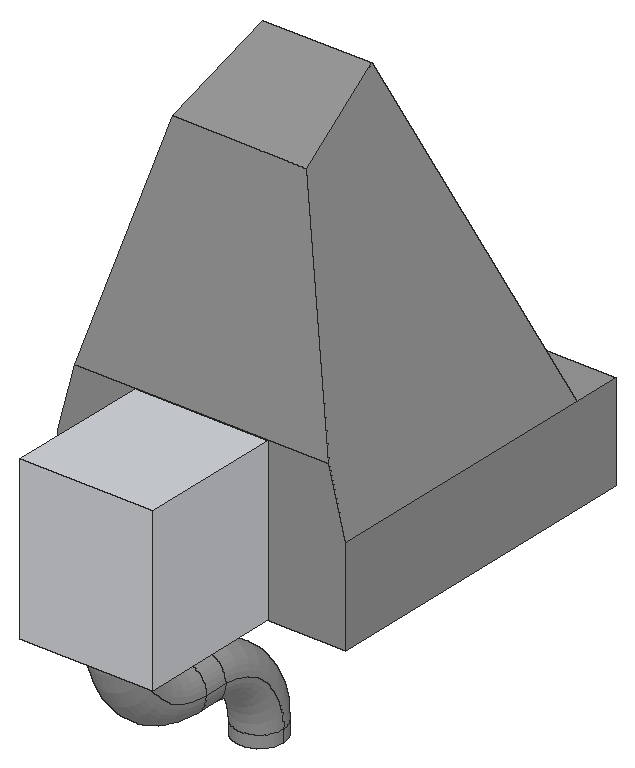
Revit family "Urinal-Willoughby-1412-UW-BJ-BS", category Plumbing Fixtures, host Face, Revit 2014
Parameters (values of type "Standard")
  Waste DIA = 2"
  Waste Connection = yes
  Vent Connection = no
  URL = "www.willoughby-ind.com"
  Type Comments = "Blow Jet Series"
  Revision = "A"
  Model = "UW-1412-BJ-BS"
  Manufacturer = "Willoughby Industries"
  HW Connection = no
  Flush Inlet DIA = 1 1/2"
  Flush Inlet Connection = yes
  Fixture Body = Stainless Steel AISI 304-Willoughby
  Description = "Urinal"
  Default Elevation = 1' - 2"
  Contact Info. = "800.428.4065"
  CW Connection = no
Reference planes (in)
  plane 1 "Center (Front/Back)": y = 0
  plane 2: z = 0
  plane 3 "Center (Left/Right)": x = 0
Forms (in)
  Extrusion 1, solid, material "Stainless Steel AISI 304-Willoughby" <- "Fixture Body"
    sketch origin (0, 0, 0) x (1, 0, 0) y (0, 0, 1)
      loop
        line (-6, 4) -> (-6, 0) -> (6, 0) -> (6, 4) -> (-6, 4)
    from -14 to 0
  Extrusion 2, solid, material "Stainless Steel AISI 304-Willoughby" <- "Fixture Body"
    sketch origin (0, 0, -0.06446) x (0, 1, 0) y (0, 0, 1)
      loop
        line (0, 4.06446) -> (11.97238, 4.06446) -> (6, 18) -> (2, 16) -> (0, 6.75) -> (0, 4.06446)
    from -6 to 6
  Extrusion 3, void, detail levels fine
    sketch origin (0, 0, 0) x (1, 0, 0) y (0, 0, 1)
      loop
        line (2.25, 17.93554) -> (6, 4) -> (8.25, 4) -> (8.25, 17.93554) -> (2.25, 17.93554)
    from 0 to -14
  Extrusion 4, void, detail levels fine
    sketch origin (0, 0, 0) x (-1, 0, 0) y (0, 0, -1)
      loop
        line (2.25, -17.93554) -> (8.25, -17.93554) -> (8.25, -4) -> (6, -4) -> (2.25, -17.93554)
    from 0 to -14
  Extrusion 5, void, detail levels fine
    sketch origin (0, 0, 0) x (1, 0, 0) y (0, 0, 1)
      loop
        line (1.77095, 17.31054) -> (-1.77095, 17.31054) -> (-5.35277, 4) -> (5.35277, 4) -> (1.77095, 17.31054)
    from -5.08704 to -12.29395
  Extrusion 6, void, detail levels fine
    sketch origin (0, 0, 0) x (1, 0, 0) y (0, 0, 1)
      loop
        line (5.35277, 4) -> (-5.35277, 4) -> (-5.35277, 1) -> (5.35277, 1) -> (5.35277, 4)
    from -5.08704 to -12.29395
  Extrusion 7, solid
    sketch origin (0, 0, 0) x (0, 1, 0) y (0, 0, 1)
      loop
        line (0, 6.68554) -> (-6, 6.68554) -> (-6, 0) -> (0, 0) -> (0, 6.68554)
    from -2.75 to 2.75
  Sweep 8, solid, material "Stainless Steel AISI 304-Willoughby" <- "Fixture Body"
    path origin (0, 5.25, 0) x (0, 1, 0) y (0, 0, 1)
      loop
        arc (-9.7427, 0.27404) -> (-8.64365, -2.05351) -> (-6.25, -3) r 3.5
        line (-6.25, -3) -> (-5.25, -3)
        arc (-5.25, -3) -> (-3.12868, -3.87868) -> (-2.25, -6) r 3
        line (-2.25, -6) -> (-2.25, -6.5)
    profile origin (0, 3, -6.25) x (1, 0, 0) y (0, 1, 0)
      loop
        circle (0, 0) r 1
  Extrusion 9, solid, material "Stainless Steel AISI 304-Willoughby" <- "Fixture Body"
    sketch origin (0, 0, 0.25) x (1, 0, 0) y (0, 1, 0)
      loop
        circle (0, 12.75) r 0.75
    from -0.25 to 0.44537
Cuts and joins
  Extrusion 3, Extrusion 4, Extrusion 5, Extrusion 6 cuts Extrusion 1
  Extrusion 3, Extrusion 4, Extrusion 5, Extrusion 6 cuts Extrusion 2
  joined: Extrusion 1, Extrusion 2
Lines and regions (in)
  symbolic lines
    curve 1: line (6, 0, 0) -> (-6, 0, 0)
    curve 2: line (-6, 0, 0) -> (-6, 14, 0)
    curve 3: line (-6, 14, 0) -> (6, 14, 0)
    curve 4: line (6, 14, 0) -> (6, 0, 0)
    curve 11: line (-6, 11.97238, 0) -> (-2.25, 6, 0)
    curve 12: line (-2.25, 6, 0) -> (2.25, 6, 0)
    curve 13: line (2.25, 6, 0) -> (6, 11.97238, 0)
    curve 14: line (2.25, 6, 0) -> (2.78819, 2, 0)
    curve 15: line (2.78819, 2, 0) -> (-2.78819, 2, 0)
    curve 16: line (-2.78819, 2, 0) -> (-2.25, 6, 0)
    curve 17: line (-2.78819, 2, 0) -> (-5.27733, 0, 0)
    curve 18: line (2.78819, 2, 0) -> (5.27733, 0, 0)
    curve 19: line (2.75, 0, 0) -> (2.75, -6, 0)
    curve 20: line (2.75, -6, 0) -> (-2.75, -6, 0)
    curve 21: line (-2.75, -6, 0) -> (-2.75, 0, 0)
    curve 22: line (-6, 0, 0) -> (6, 0, 0)
    curve 23: line (6, 0, 0) -> (6, 0, 4)
    curve 24: line (6, 0, 4) -> (2.25, 0, 17.93554)
    curve 25: line (2.25, 0, 17.93554) -> (-2.25, 0, 17.93554)
    curve 26: line (-2.25, 0, 17.93554) -> (-6, 0, 4)
    curve 27: line (-6, 0, 4) -> (-6, 0, 0)
    curve 32: line (0, -6, 0) -> (0, 14, 0)
    curve 33: line (0, 14, 0) -> (0, 14, 4)
    curve 34: line (0, 14, 4) -> (0, 0, 4)
    curve 35: line (0, 11.97238, 4) -> (0, 6, 17.93554)
    curve 36: line (0, 6, 17.93554) -> (0, 2, 15.93554)
    curve 37: line (0, 2, 15.93554) -> (0, 0, 6.68554)
    curve 38: line (0, 0, 6.68554) -> (0, -6, 6.68554)
    curve 39: line (0, -6, 6.68554) -> (0, -6, 0)
    curve 40: line (0, 0, 6.68554) -> (0, 0, 0)
  symbolic lines, detail levels medium+fine
    curve 5: line (-5.35277, 11.97238, 0) -> (-5.35277, 12.29395, 0)
    curve 6: line (-5.35277, 12.29395, 0) -> (5.35277, 12.29395, 0)
    curve 7: line (5.35277, 12.29395, 0) -> (5.35277, 11.97238, 0)
    curve 8: line (5.35277, 11.97238, 0) -> (1.77095, 6.26786, 0)
    curve 9: line (1.77095, 6.26786, 0) -> (-1.77095, 6.26786, 0)
    curve 10: line (-1.77095, 6.26786, 0) -> (-5.35277, 11.97238, 0)
    curve 28: line (6, 0, 4) -> (-6, 0, 4)
  symbolic lines, detail levels fine
    curve 29: line (5.35277, 0, 4) -> (1.77095, 0, 17.31054)
    curve 30: line (1.77095, 0, 17.31054) -> (-1.77095, 0, 17.31054)
    curve 31: line (-1.77095, 0, 17.31054) -> (-5.35277, 0, 4)
Dimensions and locks (in)
  aligned and locked: plane 2 to host face
  aligned and locked: level to host face
  aligned and locked: cut or joined group of Extrusion 1, Extrusion 2, Extrusion 3, Extrusion 4, Extrusion 5, Extrusion 6 to cut or joined group of Extrusion 1, Extrusion 2, Extrusion 3, Extrusion 4, Extrusion 5, Extrusion 6  (x14)
  aligned and locked: cut or joined group of Extrusion 1, Extrusion 2, Extrusion 3, Extrusion 4, Extrusion 5, Extrusion 6 to host face
Connectors (in)
  piping at (0, 3, -6.5), diameter 2, driven by "Waste Connection", driven by "Waste DIA"
    settings: on Sweep 8, index 1, connector inside diameter 2", connector length 0' - 0", flow factor 0, pipe flow 0 GPM, pressure drop 0.00 psi, fitting loss kfactor 0, connector angle 0.00°, fixture units 0, engagement length 0' - 0", angle of deflection 0.00°, flow configuration 0, flow direction 2, fitting loss method 0, system type 16, joint type 0, gender type 0, connector reference index -1, connector utility 1, adjustable connector yes, is connector primary yes, connector description "Urinal Waste"
  piping at (0, 12.75, 0), diameter 1.5, driven by "Flush Inlet Connection", driven by "Flush Inlet DIA"
    settings: on Extrusion 9, index 2, connector inside diameter 1 1/2", connector length 0' - 0", flow factor 0, pipe flow 0 GPM, pressure drop 0.00 psi, fitting loss kfactor 0, connector angle 0.00°, fixture units 0, engagement length 0' - 0", angle of deflection 0.00°, flow configuration 0, flow direction 1, fitting loss method 0, system type 20, joint type 0, gender type 0, connector reference index -1, connector utility 1, adjustable connector no, is connector primary no, connector description "Flush Inlet"
